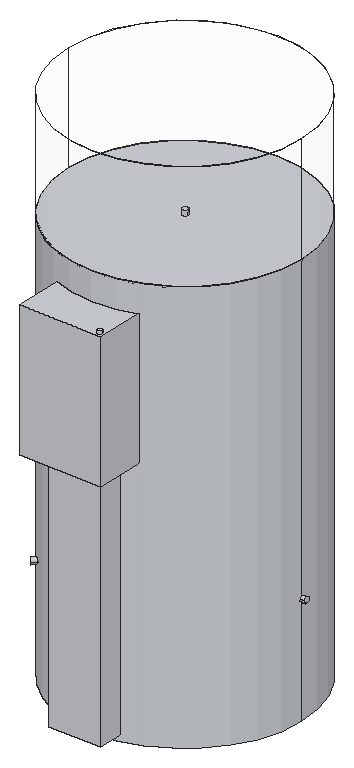
Revit family
Parameters (values of type "HV(Voltage)(kW)600 1 Phase")
  Wattage = MAX KW * 1000 VA  # 60000 VA
  Water inlet length = Radius + 1"  # 27"
  MAX KW = 60
  Drain Angle = 50.00°
  D_INLET HEIGHT = 24 1/2"
  Water Conn Radius = 1 1/4"
  VOLTAGE = 208 V
  Total Amps = MAX KW * 1000 V / VOLTAGE  # 288.4615
  Top Clearance = 24"
  SES BIM Studio # = "201264902-48"
  URL = "http://www.lochinvar.com/_linefiles/CHP-10.pdf"
  Panel Width = 18"
  Panel Depth = C_OVERALL DEPTH - Radius  # 34 3/4"
  Number of Poles = 3
  Model = "HV *(kW)-600"
  Manufacturer = "Lochinvar"
  MODEL NO. = "HV (Voltage) (kW)-600"
  INLET/OUTLET SIZE = Water Conn Radius * 2  # 2 1/2"
  GALLON CAPACITY = "600"
  Cost = 0
  C_OVERALL DEPTH = 60 3/4"
  CONTINUOUS DELIVERY (GPH) = "246"
  B_DIAMETER = Radius * 2  # 52"
  A_HEIGHT = 92"
  Description = ""
  Fuel Type = ""
  Radius = 26"
  # OF ELEMENTS = "4"
Types (10): name | Water inlet length | Drain Angle | D_INLET HEIGHT | Water Conn Radius | Panel Depth | Number of Poles | Model | MODEL NO. | INLET/OUTLET SIZE | GALLON CAPACITY | C_OVERALL DEPTH | B_DIAMETER | A_HEIGHT | Radius
  (no name) | 27" | 50.00° | 24 1/2" | 1 1/4" | 34 3/4" | 3 | "HV *(kW)-600" | "HV (Voltage) (kW)-600" | 2 1/2" | "600" | 60 3/4" | 52" | 92" | 26"
  HV(Voltage)(kW)150 1 Phase | 17" | 50.00° | 7 3/4" | 3/4" | 22 3/4" | 2 | "HV *(kW)-150" | "HV (Voltage) (kW)-150" | 1 1/2" | "150" | 38 3/4" | 32" | 65 1/2" | 16"
  HV(Voltage)(kW)200 1 Phase | 17" | 50.00° | 5 1/4" | 3/4" | 22 3/4" | 2 | "HV *(kW)-200" | "HV (Voltage) (kW)-200" | 1 1/2" | "200" | 38 3/4" | 32" | 78" | 16"
  HV(Voltage)(kW)250 1 Phase | 18" | 50.00° | 19 1/2" | 3/4" | 23 3/4" | 2 | "HV *(kW)-250" | "HV (Voltage) (kW)-250" | 1 1/2" | "250" | 40 3/4" | 34" | 92" | 17"
  HV(Voltage)(kW)300 1 Phase | 21" | 50.00° | 21" | 1" | 26 3/4" | 2 | "HV *(kW)-300" | "HV (Voltage) (kW)-300" | 2" | "300" | 46 3/4" | 40" | 80" | 20"
  HV(Voltage)(kW)400 1 Phase | 24" | 50.00° | 22 1/2" | 1" | 29 3/4" | 2 | "HV *(kW)-400" | "HV (Voltage) (kW)-400" | 2" | "400" | 52 3/4" | 46" | 80" | 23"
  HV(Voltage)(kW)500 1 Phase | 24" | 50.00° | 22 1/2" | 1" | 29 3/4" | 3 | "HV *(kW)-500" | "HV (Voltage) (kW)-500" | 2" | "500" | 52 3/4" | 46" | 92" | 23"
  HV(Voltage)(kW)600 1 Phase | 27" | 50.00° | 24 1/2" | 1 1/4" | 34 3/4" | 3 | "HV *(kW)-600" | "HV (Voltage) (kW)-600" | 2 1/2" | "600" | 60 3/4" | 52" | 92" | 26"
  HV(Voltage)(kW)800 1 Phase | 27" | 50.00° | 24 1/2" | 1 1/4" | 34 3/4" | 2 | "HV *(kW)-800" | "HV (Voltage) (kW)-600" | 2 1/2" | "750" | 60 3/4" | 52" | 104" | 26"
  HV(Voltage)(kW)1000 1 Phase | 27" | 45.00° | 24 1/2" | 1 1/4" | 34 3/4" | 2 | "HV *(kW)-1000" | "HV (Voltage) (kW)-1000" | 2 1/2" | "950" | 60 3/4" | 52" | 128" | 26"
Reference planes (in)
  plane 1 "Center of Tank": y = 6.125
  plane 2: z = -36
  plane 3 "Center (Left/Right)": x = -1.39218
  plane 4 "Top": z = 92
  plane 5 "Top Clearance": z = 116
  plane 6 "Panel right": x = 7.60782
  plane 7 "Panel left": x = -10.39218
  plane 8 "Panel Face": y = -28.625
  plane 9: y = 32.125
  plane 10 "Panel top": z = 86
  plane 11 "Panel bottom": z = 56
  plane 12 "Water inlet anchor": x = -1.39218
  plane 13 "Water inlet end": x = 25.60782
  plane 14: through (-1.39218, 6.125, 48) normal (-0.7071, -0.7071, 0)
  plane 15: through (-20.48406, -12.96688, 48) normal (-0.7071, -0.7071, 0)
  plane 16: z = 24.5
  plane 17 "Control Panel Face": y = -27.875
  plane 18: x = -7.14218
  plane 19: x = 4.35782
  plane 20: z = 1.25
  plane 21: y = -19.875
  plane 22: through (-1.39218, 6.125, 48) normal (0.6428, -0.766, 0)
Forms (in)
  Extrusion 1, solid
    sketch origin (0, 0, 0) x (1, 0, 0) y (0, 1, 0)
      loop
        circle (-1.39218, 6.125) r 26
    from 0 to 92
  Extrusion 2, solid, material "Clearance"
    sketch origin (0, 0, 92) x (-1, 0, 0) y (0, -1, 0)
      loop
        circle (1.39218, -6.125) r 26
    from 0 to 24
  Extrusion 3, solid
    sketch origin (-1.39218, 0, 0) x (0, 1, 0) y (0, 0, 1)
      loop
        line (6.125, 56) -> (6.125, 86) -> (-28.625, 86) -> (-28.625, 56) -> (6.125, 56)
    from 9 to -9
  Extrusion 4, solid
    sketch origin (0, 0, 92) x (-1, 0, 0) y (0, -1, 0)
      loop
        circle (1.39218, -6.125) r 0.625
    from 0 to 1
  Extrusion 5, solid
    sketch origin (0, 0, 86) x (-1, 0, 0) y (0, -1, 0)
      loop
        circle (-6.60782, 27.625) r 0.5
    from 0 to 0.5
  Extrusion 6, solid
    sketch origin (-2.90021, -4.14329, -1.07813) x (0, -1, 0) y (0, 0, 1)
      loop
        circle (-10.26829, 25.5858) r 0.625
    from 0.38429 to -28.50803
  Extrusion 7, solid
    sketch origin (0.85838, -1.77688, -1.07813) x (0.707107, -0.707107, 0) y (0, 0, -1)
      loop
        circle (-7.17886, -25.5858) r 0.625
    from 3.11777 to -23.00391
  Extrusion 8, solid
    sketch origin (-1.39218, 0, -20.75) x (0, 1, 0) y (0, 0, 1)
      loop
        line (6.125, 22) -> (6.125, 76.75) -> (-24.625, 76.75) -> (-24.625, 22) -> (6.125, 22)
    from 5.75 to -5.75
Lines and regions (in)
  model lines, style "MechanicalEquipment"
    curve 1: line (-4.39218, -28.625, 67) -> (1.60782, -28.625, 67)
    curve 2: line (1.60782, -28.625, 67) -> (1.60782, -28.625, 64)
    curve 3: line (-4.39218, -28.625, 64) -> (1.60782, -28.625, 64)
    curve 4: line (-4.39218, -28.625, 67) -> (-4.39218, -28.625, 64)
Dimensions and locks (in)
  "A_HEIGHT": plane 4 "Top" to level
  "Top Clearance": plane 5 "Top Clearance" to plane 4 "Top"
  equal spacing: plane 7 "Panel left", plane 3 "Center (Left/Right)", plane 6 "Panel right"
  "Panel Width": plane 7 "Panel left" to plane 6 "Panel right"
  "C_OVERALL DEPTH": plane 8 "Panel Face" to plane 9
  plane 11 "Panel bottom" to plane 2 = 92"
  "Water inlet length": plane 12 "Water inlet anchor" to plane 13 "Water inlet end"
  "Water inlet length": plane 14 to plane 15
  locked: plane 8 "Panel Face" to plane 17 "Control Panel Face" at 0.75
  "D_INLET HEIGHT": plane 16 to level
  locked: plane 4 "Top" to plane 10 "Panel top" at 6
  equal spacing: plane 21, plane 1 "Center of Tank", plane 9
  "Radius": plane 1 "Center of Tank" to plane 9
  locked: plane 10 "Panel top" to plane 11 "Panel bottom" at 30
  "Radius": radius of Extrusion 1 sketch curve
  "Radius": radius of Extrusion 2 sketch curve
  "Drain Angle": angle plane 22 to plane 3 "Center (Left/Right)"
  aligned and locked: plane 4 "Top" to Extrusion 1
  aligned and locked: plane 5 "Top Clearance" to Extrusion 2
  aligned and locked: plane 6 "Panel right" to Extrusion 3
  aligned and locked: Extrusion 3 to plane 7 "Panel left"
  aligned and locked: plane 8 "Panel Face" to Extrusion 3
  aligned and locked: Extrusion 3 to plane 1 "Center of Tank"
  aligned and locked: plane 10 "Panel top" to Extrusion 3
  aligned and locked: Extrusion 3 to plane 11 "Panel bottom"
  aligned and locked: Extrusion 7 to plane 15
  aligned and locked: Extrusion 8 to Extrusion 3
  aligned: Extrusion 8 to level
  aligned and locked: Extrusion 8 to plane 20
  aligned and locked: plane 19 to Extrusion 8
  aligned and locked: Extrusion 6 to plane 13 "Water inlet end"
Automatic sketch dimensions
  plane 1 "Center of Tank" to Extrusion 1 sketch curve = 0"
  Extrusion 1 sketch curve to plane 3 "Center (Left/Right)" = 0"
  plane 1 "Center of Tank" to Extrusion 2 sketch curve = 0"
  Extrusion 2 sketch curve to plane 3 "Center (Left/Right)" = 0"
  Extrusion 3 sketch curve to plane 8 "Panel Face" = 0"
  Extrusion 3 sketch curve to plane 1 "Center of Tank" = 0"
  Extrusion 3 sketch curve to plane 11 "Panel bottom" = 0"
  Extrusion 3 sketch curve to plane 10 "Panel top" = 0"
  plane 1 "Center of Tank" to Extrusion 4 sketch curve = 0"
  Extrusion 4 sketch curve to plane 3 "Center (Left/Right)" = 0"
  Extrusion 5 sketch curve to plane 17 "Control Panel Face" = 1/4"
  Extrusion 5 sketch curve to plane 6 "Panel right" = 1"
  Extrusion 6 sketch curve to plane 1 "Center of Tank" = 0"
  plane 16 to Extrusion 6 sketch curve = 0.00768"
  Extrusion 7 sketch curve to plane 16 = 0.00768"
  plane 18 to curve 4 = 2 3/4"
  curve 3 to plane 19 = 2 3/4"
  plane 11 "Panel bottom" to curve 3 = 8"
  curve 2 to curve 2 = 3"
  Extrusion 8 sketch curve to plane 20 = 0"
  Extrusion 8 sketch curve to plane 11 "Panel bottom" = 0"
  Extrusion 8 sketch curve to plane 1 "Center of Tank" = 0"
  Extrusion 8 sketch curve to plane 17 "Control Panel Face" = 3 1/4"
  radius of Extrusion 4 sketch curve = 5/8"
  radius of Extrusion 5 sketch curve = 1/2"
  radius of Extrusion 6 sketch curve = 5/8"
  radius of Extrusion 7 sketch curve = 5/8"
Connectors (in)
  piping at (-1.39218, 6.125, 93), driven by "Water Conn Radius"
    settings: on Extrusion 4, index 1, connector radius 1 1/4", flow factor 0, pipe flow 0 GPM, pressure drop 0.00 psi, fitting loss kfactor 0, connector angle 0.00°, fixture units 0, flow configuration 0, flow direction 0, fitting loss method 0, system type 19, connector reference index -1, connector utility 0, adjustable connector no, is connector primary yes, fitting loss table "", connector description "Water Outlet"
  piping at (-20.48406, -12.96688, 24.50768)
    settings: on Extrusion 7, index 5, connector radius 3/8", flow factor 0, pipe flow 0 GPM, pressure drop 0.00 psi, fitting loss kfactor 0, connector angle 0.00°, fixture units 0, flow configuration 1, flow direction 2, fitting loss method 0, system type 16, connector reference index -1, connector utility 0, adjustable connector no, is connector primary no, fitting loss table "", connector description ""
  piping at (25.60782, 6.125, 24.50768), driven by "Water Conn Radius"
    settings: on Extrusion 6, index 6, connector radius 1 1/4", flow factor 0, pipe flow 0 GPM, pressure drop 0.00 psi, fitting loss kfactor 0, connector angle 0.00°, fixture units 0, flow configuration 0, flow direction 1, fitting loss method 0, system type 20, connector reference index -1, connector utility 0, adjustable connector no, is connector primary no, fitting loss table "", connector description "Water Inlet"
  electrical at (6.60782, -27.625, 86.5), driven by "Wattage", driven by "VOLTAGE", driven by "Number of Poles"
    settings: on Extrusion 5, index 7, voltage 208 V, apparent load 60000 VA, apparent load phase1 0 VA, apparent load phase2 0 VA, apparent load phase3 0 VA, power factor 1, load classification "Other", number of poles 3, system type 30, power factor state 1, is connector primary yes, connector utility no, sub classification motor no, connector description "Electrical"
